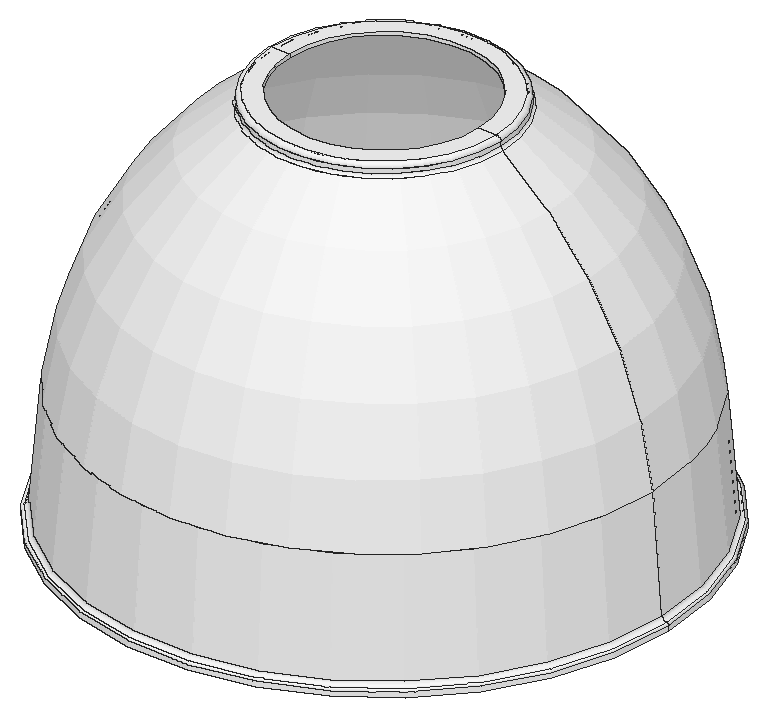
Revit family "HLO16", category Lighting Fixtures, Revit 2024
Family settings
  Round Connector Dimension = Use Diameter
  Part Type = Normal
  OmniClass Number = 23.80.70.00
  OmniClass Title = Lighting
  Work Plane-Based = No
  Always vertical = Yes
  Cut with Voids When Loaded = No
  Light Source = No
  Maintain Annotation Orientation = No
  Shared = No
  Room Calculation Point = No
Parameters
  Default Elevation = 0' - 0"
Reference planes (in)
  plane 1 "Light Source Axis (F/B)": y = 0
  plane 2: z = 0
  plane 3 "Light Source Axis (L/R)": x = 0
  plane 4 "Light Source Elevation": z = 54
Forms (in)
  Revolve 1, solid, material "44G"
    sketch origin (0, 0, 0) x (1, 0, 0) y (0, 0, 1)
      loop
        arc (7.77686, 57.4496) -> (6.40376, 61.58654) -> (3.42876, 64.77229) r 10.19836
        arc (3.42876, 64.77229) -> (3.38931, 64.81692) -> (3.375, 64.875) r 0.125
        line (3.375, 64.875) -> (3.375, 65)
        arc (3.375, 65) -> (3.33839, 65.08839) -> (3.25, 65.125) r 0.125
        line (3.25, 65.125) -> (2.75, 65.125) -> (2.75, 65.03125) -> (3.25, 65.03125)
        arc (3.25, 65.03125) -> (3.2721, 65.0221) -> (3.28125, 65) r 0.03125
        line (3.28125, 65) -> (3.28125, 64.875)
        arc (3.28125, 64.875) -> (3.3063, 64.77335) -> (3.37572, 64.69499) r 0.21875
        arc (3.37572, 64.69499) -> (6.32309, 61.53876) -> (7.68354, 57.4406) r 10.10461
        line (7.68354, 57.4406) -> (7.95762, 54.30784)
        arc (7.95762, 54.30784) -> (8.01332, 54.16662) -> (8.14752, 54.09565) r 0.21875
        line (8.14752, 54.09565) -> (8.15589, 54) -> (8.25, 54) -> (8.23859, 54.13045)
        arc (8.23859, 54.13045) -> (8.21855, 54.17108) -> (8.17633, 54.1875) r 0.0625
        arc (8.17633, 54.1875) -> (8.08794, 54.22411) -> (8.05133, 54.3125) r 0.125
        line (8.05133, 54.3125) -> (7.77686, 57.4496)
      axis (0, 65.125) -> (0, 54)
    angle from 0 to 360
Dimensions and locks (in)
  aligned and locked: level to plane 2
